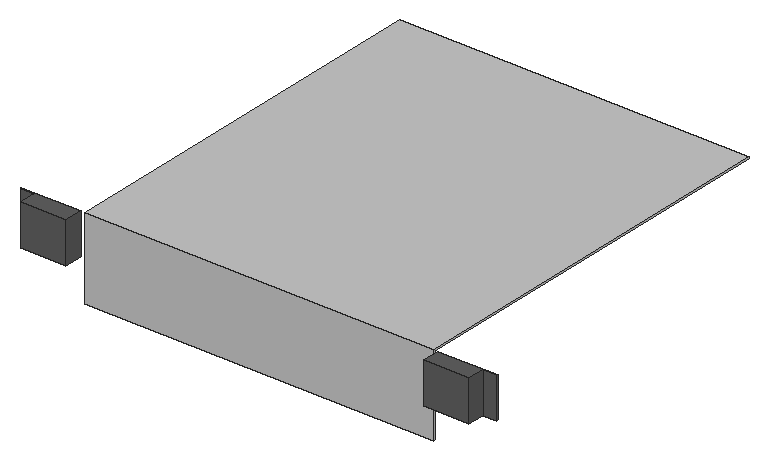
Revit family "Levelers_Serco_WL-WS", category Specialty Equipment, host Floor, Revit 2026
Family settings
  Host = Floor
  Round Connector Dimension = Use Diameter
  Part Type = Normal
  Enable Cutting in Views = No
  Always vertical = Yes
  Cut with Voids When Loaded = Yes
  Maintain Annotation Orientation = No
  Shared = No
  Room Calculation Point = No
Parameters (values of type "86.5")
  URL = "http://sercoentrematic.com/"
  Model = "WL/WS"
  Manufacturer = "Serco Entrematic"
  Description = "Mechanical Leveler"
  LipExtension = 0' - 0"
  PitWidth = 6' - 7"
  PitLength = 7' - 3"
  PitDepthR = PitDepth - 0' 0 1/2"  # 1' - 7 1/2"
  PitDepth = 1' - 8"
  LipLength = 1' - 6"
  Default Elevation = 0' - 0"
  Curb = 0' - 3"
  Capacity = "30-45k"
Types (9): name | PitWidth | PitLength | PitDepthR | PitDepth
  6 | 6' - 1" | 5' - 3" | 1' - 7 1/2" | 1' - 8"
  86 | 6' - 1" | 7' - 3" | 1' - 7 1/2" | 1' - 8"
  66.5 | 6' - 7" | 5' - 3" | 1' - 7 1/2" | 1' - 8"
  86.5 | 6' - 7" | 7' - 3" | 1' - 7 1/2" | 1' - 8"
  67 | 7' - 1" | 5' - 3" | 1' - 7 1/2" | 1' - 8"
  87 | 7' - 1" | 7' - 3" | 1' - 7 1/2" | 1' - 8"
  106 | 6' - 1" | 9' - 3" | 1' - 11 1/2" | 2' - 0"
  106.5 | 6' - 7" | 9' - 3" | 1' - 11 1/2" | 2' - 0"
  107 | 7' - 1" | 9' - 3" | 1' - 11 1/2" | 2' - 0"
Reference planes (in)
  plane 1 "Center (Front/Back)": y = 0
  plane 2: z = 0
  plane 3 "Center (Left/Right)": x = 0
  plane 4 "Lip Width": y = -59.5
  plane 5 "pit right": x = 39.5
  plane 6 "Pit left": x = -39.5
  plane 7 "pit rear": y = 27
  plane 8 "curb angle left": x = -42.5
  plane 9: x = -38.5
  plane 10 "curb angle right": x = 42.5
  plane 11: x = 38.5
  plane 12 "curb angle rear": y = 30
  plane 13 "Curb angle - Front": y = -57
  plane 14 "Edge of Dock": y = -60
  plane 15: z = -0.5
  plane 16: z = -19.5
  plane 17: z = -20
  plane 18: y = 15
  plane 19: y = -48
  plane 20 "Lip Length": z = -18
  plane 21: x = 60.5
  plane 22: x = -60.5
  plane 23: z = -3
  plane 24: z = -23
  plane 25: z = 0
  plane 26: z = 0
  plane 27: z = -12
  plane 28: x = 14
  plane 29: x = -52.625
  plane 30: x = -49.625
  plane 31: y = -64
  plane 32: y = -60.25
  plane 33: x = 52.625
  plane 34: x = 49.625
  plane 35: z = -9
Forms (in)
  Extrusion 1, void
    sketch origin (0, 0, 0) x (0, 1, 0) y (0, 0, 1)
      loop
        line (27, 0) -> (-60, 0) -> (-60, -20) -> (-48, -20) -> (15, -19.5) -> (27, -19.5) -> (27, 0)
    from -39.5 to 39.5
  Extrusion 2, solid, material "Serco Diamond"
    sketch origin (0, 0, 0) x (1, 0, 0) y (0, 1, 0)
      loop
        line (-38.5, 27) -> (-38.5, -60) -> (38.5, -60) -> (38.5, 27) -> (-38.5, 27)
    from -0.5 to 0
  Extrusion 3, solid, material "Serco Diamond"
    sketch origin (0, 0, 0) x (1, 0, 0) y (0, 0, 1)
      loop
        line (-38.5, 0) -> (-38.5, -18) -> (38.5, -18) -> (38.5, 0) -> (-38.5, 0)
    from 59.5 to 60
  Extrusion 4, solid, material "BUMPER"
    sketch origin (0, 0, 0) x (-1, 0, 0) y (0, -1, 0)
      loop
        line (39.5, 60) -> (52.625, 60) -> (52.625, 60.25) -> (49.625, 60.25) -> (49.625, 64) -> (39.5, 64) -> (39.5, 60)
      loop
        line (-39.5, 60) -> (-39.5, 64) -> (-49.625, 64) -> (-49.625, 60.25) -> (-52.625, 60.25) -> (-52.625, 60) -> (-39.5, 60)
    from -9 to 0
Cuts and joins
  joined: Extrusion 2, Extrusion 3
Lines and regions (in)
  model lines
    curve 1: line (-42.5, 30, 0) -> (42.5, 30, 0)
    curve 2: line (42.5, 30, 0) -> (42.5, 27, 0)
    curve 3: line (42.5, 27, 0) -> (-42.5, 27, 0)
    curve 4: line (-42.5, 27, 0) -> (-42.5, 30, 0)
    curve 5: line (-42.5, 27, 0) -> (-42.5, -57, 0)
    curve 6: line (-39.5, -57, 0) -> (-39.5, 27, 0)
    curve 7: line (-39.5, -57, 0) -> (-60.5, -57, 0)
    curve 8: line (-60.5, -57, 0) -> (-60.5, -60, 0)
    curve 9: line (-60.5, -60, 0) -> (-39.5, -60, 0)
    curve 10: line (42.5, 27, 0) -> (42.5, -57, 0)
    curve 11: line (39.5, -57, 0) -> (39.5, 27, 0)
    curve 12: line (39.5, -60, 0) -> (60.5, -60, 0)
    curve 13: line (60.5, -60, 0) -> (60.5, -57, 0)
    curve 14: line (60.5, -57, 0) -> (39.5, -57, 0)
    curve 15: line (-60.5, -60, 0) -> (-60.5, -60, -3)
    curve 16: line (-60.5, -60, -3) -> (-39.5, -60, -3)
    curve 17: line (-39.5, -60, -3) -> (-39.5, -60, 0)
    curve 18: line (-42.5, -60, -3) -> (-42.5, -60, -23)
    curve 19: line (-42.5, -60, -20) -> (-39.5, -60, -20)
    curve 20: line (-42.5, -60, -23) -> (42.5, -60, -23)
    curve 21: line (42.5, -60, -23) -> (42.5, -60, -3)
    curve 22: line (39.5, -60, -20) -> (42.5, -60, -20)
    curve 23: line (39.5, -60, -20) -> (39.5, -60, 0)
    curve 24: line (39.5, -60, -3) -> (60.5, -60, -3)
    curve 25: line (60.5, -60, -3) -> (60.5, -60, 0)
    curve 26: line (-39.5, -60, -3) -> (-39.5, -60, -20)
    curve 27: line (-39.5, -60, -20) -> (39.5, -60, -20)
    curve 28: line (-39.5, -57, 0) -> (-39.5, -60, 0)
    curve 29: line (39.5, -57, 0) -> (39.5, -60, 0)
Dimensions and locks (in)
  equal spacing: host sketch curve, plane 1 "Center (Front/Back)", host sketch curve
  equal spacing: host sketch curve, plane 3 "Center (Left/Right)", host sketch curve
  host sketch curve to host sketch curve = 10' - 0"  (x2)
  equal spacing: plane 6 "Pit left", plane 3 "Center (Left/Right)", plane 5 "pit right"
  "PitWidth": plane 6 "Pit left" to plane 5 "pit right"
  "PitLength": plane 14 "Edge of Dock" to plane 7 "pit rear"
  "Curb": plane 8 "curb angle left" to plane 6 "Pit left"
  locked: plane 6 "Pit left" to plane 9 at 1
  locked: plane 11 to plane 5 "pit right" at 1
  "Curb": plane 5 "pit right" to plane 10 "curb angle right"
  "Curb": plane 7 "pit rear" to plane 12 "curb angle rear"
  "Curb": plane 14 "Edge of Dock" to plane 13 "Curb angle - Front"
  "PitDepthR": level to plane 16
  "PitDepth": level to plane 17
  locked: plane 7 "pit rear" to plane 18 at 12
  locked: plane 19 to plane 14 "Edge of Dock" at 12
  "LipLength": level to plane 20 "Lip Length"
  locked: plane 22 to plane 6 "Pit left" at 21
  locked: plane 5 "pit right" to plane 21 at 21
  "LipExtension": plane 26 to level
  locked: plane 24 to plane 17 at 3
  locked: level to plane 15 at 0.5
  locked: plane 14 "Edge of Dock" to plane 4 "Lip Width" at 0.5
  locked: plane 3 "Center (Left/Right)" to plane 28 at 14
  locked: level to plane 27 at 12
  locked: plane 30 to plane 6 "Pit left" at 10.125
  locked: plane 29 to plane 6 "Pit left" at 13.125
  locked: plane 31 to curve 9 at 4
  locked: curve 9 to plane 32 at 0.25
  locked: plane 5 "pit right" to plane 34 at 10.125
  locked: plane 5 "pit right" to plane 33 at 13.125
  locked: level to plane 35 at 9
  aligned and locked: level to plane 2
  aligned and locked: plane 14 "Edge of Dock" to host floor
  aligned and locked: plane 19 to Extrusion 1 sketch curve
  aligned and locked: plane 16 to Extrusion 1 sketch curve
  aligned and locked: Extrusion 1 sketch curve to plane 18
  aligned and locked: plane 17 to Extrusion 1 sketch curve
  aligned and locked: Extrusion 1 sketch curve to plane 14 "Edge of Dock"
  aligned and locked: Extrusion 1 to plane 6 "Pit left"
  aligned and locked: Extrusion 1 to plane 5 "pit right"
  aligned and locked: plane 7 "pit rear" to Extrusion 2 sketch curve
  aligned and locked: Extrusion 2 sketch curve to plane 9
  aligned and locked: Extrusion 2 sketch curve to plane 14 "Edge of Dock"
  aligned and locked: Extrusion 2 to plane 15
  aligned and locked: level to Extrusion 2
  aligned and locked: Extrusion 3 sketch curve to Extrusion 2
  aligned and locked: plane 20 "Lip Length" to Extrusion 3 sketch curve
  aligned and locked: Extrusion 3 sketch curve to plane 11
  aligned and locked: Extrusion 3 to plane 14 "Edge of Dock"
  aligned and locked: Extrusion 3 to plane 4 "Lip Width"
  aligned and locked: Extrusion 2 sketch curve to plane 11
  aligned and locked: curve 7 to plane 13 "Curb angle - Front"
  aligned and locked: curve 8 to plane 22
  aligned and locked: curve 5 to plane 8 "curb angle left"
  aligned and locked: plane 6 "Pit left" to curve 6
  aligned and locked: curve 3 to plane 7 "pit rear"
  aligned and locked: plane 12 "curb angle rear" to curve 1
  aligned and locked: curve 2 to plane 10 "curb angle right"
  aligned and locked: plane 5 "pit right" to curve 11
  aligned and locked: curve 10 to plane 10 "curb angle right"
  aligned and locked: curve 14 to plane 13 "Curb angle - Front"
  aligned and locked: plane 14 "Edge of Dock" to curve 12
  aligned and locked: curve 13 to plane 21
  aligned and locked: plane 24 to curve 18
  aligned and locked: curve 16 to plane 23
  aligned and locked: curve 15 to plane 22
  aligned and locked: plane 6 "Pit left" to curve 17
  aligned and locked: curve 22 to plane 5 "pit right"
  aligned and locked: curve 21 to plane 10 "curb angle right"
  aligned and locked: curve 22 to plane 17
  aligned and locked: curve 25 to plane 21
  aligned and locked: curve 19 to curve 27
  aligned and locked: curve 9 to plane 14 "Edge of Dock"
  aligned and locked: plane 26 to Extrusion 3 sketch curve
  aligned and locked: plane 23 to curve 24
  aligned and locked: plane 24 to curve 20
  aligned and locked: cut or joined group of Extrusion 2, Extrusion 3 to plane 7 "pit rear"
  aligned and locked: plane 31 to Extrusion 4 sketch curve
  aligned and locked: Extrusion 4 sketch curve to plane 30
  aligned and locked: Extrusion 4 sketch curve to plane 29
  aligned and locked: Extrusion 4 sketch curve to plane 32  (x2)
  aligned and locked: Extrusion 4 sketch curve to curve 9
  aligned and locked: Extrusion 4 sketch curve to plane 6 "Pit left"
  aligned and locked: Extrusion 4 sketch curve to plane 5 "pit right"
  aligned and locked: Extrusion 4 sketch curve to plane 31
  aligned and locked: plane 34 to Extrusion 4 sketch curve
  aligned and locked: plane 33 to Extrusion 4 sketch curve
  aligned and locked: level to Extrusion 4
  aligned and locked: plane 35 to Extrusion 4
Automatic sketch dimensions
  Extrusion 1 sketch curve to level = 0' - 0"
  Extrusion 1 sketch curve to plane 7 "pit rear" = 0' - 0"
  curve 25 to level = 0' - 0"
  curve 18 to plane 23 = 0' - 0"
  curve 23 to level = 0' - 0"
  curve 17 to level = 0' - 0"
  curve 15 to level = 0' - 0"
  curve 27 to plane 17 = 0' - 0"
  plane 8 "curb angle left" to curve 20 = 0' - 0"
  plane 21 to curve 25 = 0' - 0"
  plane 14 "Edge of Dock" to Extrusion 4 sketch curve = 0' - 0"
